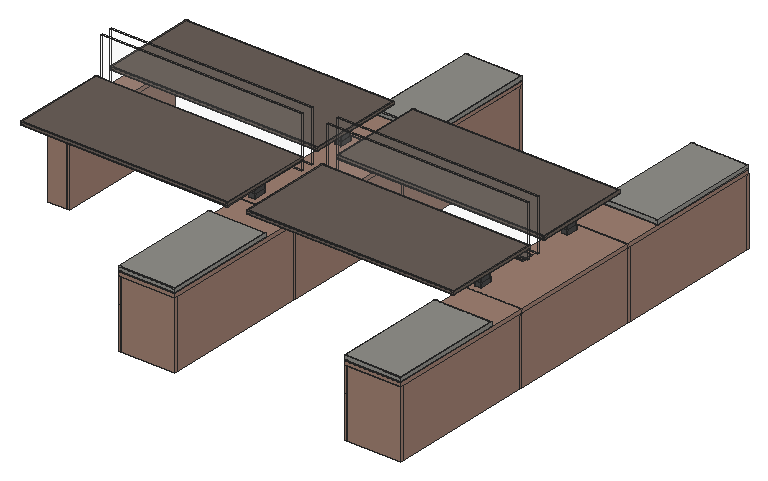
Revit family "T200196", category Furniture, Revit 2015
Parameters (values of type "T200196")
  URL = "https://ofs.com/"
  Staks Worksurface Edge Panel = OFS STAKS Frosted Glass
  Staks Height Worsuface Venner = OFS STAKS Surface Material
  Staks Height Worsuface Edge = OFS STAKS Edge Material
  Staks Height Worsuface 3d Laminate = OFS STAKS Laminate Material
  Staks Height Workgroup top = OFS STAKS Board Material
  Staks Height Workgroup Leg Caps = OFS STAKS Leg Caps Material
  Staks Height Workgroup Column = OFS STAKS Column Material
  Staks Height Workgroup Board = OFS STAKS Board Material
  Staks Cushion = OFS STAKS Cushion Material
  Staks Cross Rail Surface = OFS STAKS Wood Grain Laminate Material
  Staks Cross Rail Power Block Casing = OFS STAKS Power Block Casing Material
  Staks Cross Rail Power Block = OFS STAKS Power Block Material
  Staks Cross Rail Metal = OFS STAKS Power Jumper Conduit Material
  Staks Cross Rail Duplex Receptacle = OFS STAKS Power Jumper Connector Material
  Staks Cross Rail  Bracket = OFS STAKS Power Jumper Connector Material
  Model = "T200196"
  Manufacturer = "OFS"
  Description = "OFS TYPICAL T200196"
  Copyright © = "©OFS 2020"
  Catalog = "https://ofs.com/2020-experience"
  Authoring Version = "Autodesk Revit Architecture 2015"
  Assembly Code = "E2020400"
Reference planes (in)
  plane 1 "Center Front/Back": y = 0
  plane 2: z = 0
  plane 3 "Center Left/Right": x = 0
Dimensions and locks (in)
  aligned and locked: level to plane 2
Nested families (in)
  nested 1: "STAKS CUSHION FOR HEIGHT ADJUSTABLE STORAGE CABINETS" at (0.0017, -50.99832, 3.125) x (0, -1, 0) z (0, 0, 1), type "STAKS CUSHION FOR HEIGHT ADJUSTABLE STORAGE CABINETS 36in"
    with Height Above Floor 21.50"
  nested 2: "STAKS CUSHION FOR HEIGHT ADJUSTABLE STORAGE CABINETS" at (0.0017, 51.00168, 3.125) x (0, -1, 0) z (0, 0, 1), type "STAKS CUSHION FOR HEIGHT ADJUSTABLE STORAGE CABINETS 36in"
    with Height Above Floor 21.50"
  nested 3: "STAKS CUSHION FOR HEIGHT ADJUSTABLE STORAGE CABINETS" at (71.99976, 51.00168, 3.125) x (0, -1, 0) z (0, 0, 1), type "STAKS CUSHION FOR HEIGHT ADJUSTABLE STORAGE CABINETS 36in"
    with Height Above Floor 21.50"
  nested 4: "STAKS CUSHION FOR HEIGHT ADJUSTABLE STORAGE CABINETS" at (71.99976, -50.99832, 3.125) x (0, -1, 0) z (0, 0, 1), type "STAKS CUSHION FOR HEIGHT ADJUSTABLE STORAGE CABINETS 36in"
    with Height Above Floor 21.50"
  nested 5: "STAKS HEIGHT ADJUSTABLE WORK GROUP PANEL BASE Dual User" at (-70.00003, 0, 0) x (0, 1, 0) z (0, 0, 1), type "STAKS HEIGHT ADJUSTABLE WORK GROUP PANEL BASE Dual User"
    with Table Height 27.75"
  nested 6: "STAKS HEIGHT ADJUSTABLE WORK GROUP CABINET Double Sided Dual User" at (-8.9531, -0.04691, 0) x (0, 1, 0) z (0, 0, 1), type "STAKS HEIGHT ADJUSTABLE WORK GROUP CABINET Double Sided Dual User"
    with Table Height 27.75"
  nested 7: "STAKS HEIGHT ADJUSTABLE WORK GROUP CABINET Dual User" at (81, -0.0469, 0) x (0, -1, 0) z (0, 0, 1), type "STAKS HEIGHT ADJUSTABLE WORK GROUP CABINET Dual User"
    with Table Height 27.75"
  nested 8: "STAKS BOX-FILE-OPEN SHELVES FLOOR STORAGE Left 42-48" at (9.0017, 40.75168, 0) x (0, -1, 0) z (0, 0, 1), type "STAKS BOX-FILE-OPEN SHELVES FLOOR STORAGE Left, 48in"
    with Table Height 27.75"
  nested 9: "STAKS BOX-FILE-OPEN SHELVES FLOOR STORAGE Left 42-48" at (81.0017, 40.75168, 0) x (0, -1, 0) z (0, 0, 1), type "STAKS BOX-FILE-OPEN SHELVES FLOOR STORAGE Left, 48in"
    with Table Height 27.75"
  nested 10: "STAKS BOX-FILE-OPEN SHELVES FLOOR STORAGE Right 42-48" at (9.00087, -49.24798, 0) x (0, -1, 0) z (0, 0, 1), type "STAKS BOX-FILE-OPEN SHELVES FLOOR STORAGE Right, 48in"
    with Table Height 27.75"
  nested 11: "STAKS BOX-FILE-OPEN SHELVES FLOOR STORAGE Right 42-48" at (80.99893, -49.24798, 0) x (0, -1, 0) z (0, 0, 1), type "STAKS BOX-FILE-OPEN SHELVES FLOOR STORAGE Right, 48in"
    with Table Height 27.75"
  nested 12: "STAKS HEIGHT ADJUSTABLE WORKSURFACE" at (-35.9983, -17.99831, 8), type "STAKS HEIGHT ADJUSTABLE WORKSURFACE 66x30"
    with PVC Edge yes, Height 21.00", 3D Laminate no
  nested 13: "STAKS HEIGHT ADJUSTABLE WORKSURFACE" at (-35.9983, 17.90449, 8) x (1, 0, 0) z (0, 0, 1), type "STAKS HEIGHT ADJUSTABLE WORKSURFACE 66x30"
    with PVC Edge yes, Height 21.00", 3D Laminate no
  nested 14: "STAKS HEIGHT ADJUSTABLE WORKSURFACE" at (36.00169, -17.99831, 8) x (-1, 0, 0) z (0, 0, 1), type "STAKS HEIGHT ADJUSTABLE WORKSURFACE 66x30"
    with PVC Edge yes, Height 21.00", 3D Laminate no
  nested 15: "STAKS HEIGHT ADJUSTABLE WORKSURFACE" at (36.0017, 17.90449, 8) x (-1, 0, 0) z (0, 0, 1), type "STAKS HEIGHT ADJUSTABLE WORKSURFACE 66x30"
    with PVC Edge yes, Height 21.00", 3D Laminate no
  nested 16: "STAKS PET WIRE MANAGER to Underside of Cross Rail" at (-35.9983, -0.14067, 1.04408), type "STAKS PET WIRE MANAGER to Underside of Cross Rail 44in"
    with Height Above Floor 20.00"
  nested 17: "STAKS PET WIRE MANAGER to Underside of Cross Rail" at (36.00169, -0.23118, 1.04408), type "STAKS PET WIRE MANAGER to Underside of Cross Rail 44in"
    with Height Above Floor 20.00"
  nested 18: "STAKS CROSS RAIL BASIC POWER Double Sided Three Circuit" at (-36.125, 0, 0.1813), type "STAKS CROSS RAIL BASIC POWER Double Sided Three Circuit 66in"
  nested 19: "STAKS CROSS RAIL BASIC POWER Double Sided Three Circuit" at (36, 0, 1.435), type "STAKS CROSS RAIL BASIC POWER Double Sided Three Circuit 66in"
  nested 20: "STAKS WORKSURFACE EDGE MODESTY FROSTED ACRYLIC" at (-19.49999, -4.37535, 16.685), type "STAKS WORKSURFACE EDGE MODESTY FROSTED ACRYLIC 64/16.5"
    with Width 64.00", Height 16.50"
  nested 21: "STAKS WORKSURFACE EDGE MODESTY FROSTED ACRYLIC" at (19.49999, -4.37535, 16.685) x (-1, 0, 0) z (0, 0, 1), type "STAKS WORKSURFACE EDGE MODESTY FROSTED ACRYLIC 64/16.5"
    with Width 64.00", Height 16.50"
  nested 22: "STAKS WORKSURFACE EDGE MODESTY FROSTED ACRYLIC" at (-19.5, 4.28153, 16.685) x (1, 0, 0) z (0, 0, 1), type "STAKS WORKSURFACE EDGE MODESTY FROSTED ACRYLIC 64/16.5"
    with Width 64.00", Height 16.50"
  nested 23: "STAKS WORKSURFACE EDGE MODESTY FROSTED ACRYLIC" at (19.49999, 4.28155, 16.685) x (-1, 0, 0) z (0, 0, 1), type "STAKS WORKSURFACE EDGE MODESTY FROSTED ACRYLIC 64/16.5"
    with Width 64.00", Height 16.50"
Definition of nested family "STAKS CUSHION FOR HEIGHT ADJUSTABLE STORAGE CABINETS"
  Parameters (values of type "STAKS CUSHION FOR HEIGHT ADJUSTABLE STORAGE CABINETS 30in")
    Width = 30.00"
    Cushion Material = none
    URL = "http://www.ofs.com/"
    Height Above Floor [instance] = 21.50"
    Height = 1.50"
    Model = "6-3018SC"
    Manufacturer = "OFS"
    Description = "OFS STAKS CUSHION FOR HEIGHT ADJUSTABLE STORAGE CABINETS 30\" Width, Must be Field Installed"
    Depth = 18.00"
    Copyright © = "© 2018 OFS"
    Catalog = "https://ofs.com/products/open-plan/benching/staks"
    Authoring Version = "Autodesk Revit Architecture 2013"
    Assembly Code = "E2020200"
  Types (5): name | Width | Model | Description
    (no name) | 30.00" | "6-3018SC" | "OFS STAKS CUSHION FOR HEIGHT ADJUSTABLE STORAGE CABINETS 30\" Width, Must be Field Installed"
    STAKS CUSHION FOR HEIGHT ADJUSTABLE STORAGE CABINETS 30in | 30.00" | "6-3018SC" | "OFS STAKS CUSHION FOR HEIGHT ADJUSTABLE STORAGE CABINETS 30\" Width, Must be Field Installed"
    STAKS CUSHION FOR HEIGHT ADJUSTABLE STORAGE CABINETS 36in | 36.00" | "6-3618SC" | "OFS STAKS CUSHION FOR HEIGHT ADJUSTABLE STORAGE CABINETS 36\" Width, Must be Field Installed"
    STAKS CUSHION FOR HEIGHT ADJUSTABLE STORAGE CABINETS 42in | 42.00" | "6-4218SC" | "OFS STAKS CUSHION FOR HEIGHT ADJUSTABLE STORAGE CABINETS 42\" Width, Must be Field Installed"
    STAKS CUSHION FOR HEIGHT ADJUSTABLE STORAGE CABINETS 48in | 48.00" | "6-4818SC" | "OFS STAKS CUSHION FOR HEIGHT ADJUSTABLE STORAGE CABINETS 48\" Width, Must be Field Installed"
  Reference planes (in)
    plane 1 "Center (Front/Back)": y = 0
    plane 2: z = 0
    plane 3 "Center (Left/Right)": x = 0
    plane 4: x = 15
    plane 5: x = -15
    plane 6: y = 9
    plane 7: y = -9
    plane 8: z = 20
    plane 9: z = 21.5
  Forms (in)
    Extrusion 1, solid, material <- "Cushion Material"
      sketch origin (3.56329, 81.33771, 3.5) x (-1, 0, 0) y (0, -1, 0)
        loop
          line (18.43829, 72.46271) -> (18.43829, 90.21271) -> (-11.31171, 90.21271) -> (-11.31171, 72.46271) -> (18.43829, 72.46271)
      from 18 to 16.5
    Sweep 2, solid, material <- "Cushion Material"
      path in 3D
        loop
          line (14.875, 8.875, 21.5) -> (-14.875, 8.875, 21.5) -> (-14.875, -8.875, 21.5) -> (14.875, -8.875, 21.5) -> (14.875, 8.875, 21.5)
      profile origin (14.875, 0, 21.5) x (-1, 0, 0) y (0, 0, 1)
        loop
          arc (0, 0) -> (-0.08839, -0.03661) -> (-0.125, -0.125) r 0.125
          line (-0.125, -0.125) -> (-0.125, -1.375)
          arc (-0.125, -1.375) -> (-0.08839, -1.46339) -> (0, -1.5) r 0.125
          line (0, -1.5) -> (0, 0)
  Cuts and joins
    joined: Extrusion 1, Sweep 2
  Lines and regions (in)
    sketch lines
      curve 1: line (14.875, -8.875, 21.5) -> (14.875, 8.875, 21.5)
      curve 2: line (14.875, 8.875, 21.5) -> (-14.875, 8.875, 21.5)
      curve 3: line (-14.875, 8.875, 21.5) -> (-14.875, -8.875, 21.5)
      curve 4: line (-14.875, -8.875, 21.5) -> (14.875, -8.875, 21.5)
  Dimensions and locks (in)
    equal spacing: plane 5, plane 3 "Center (Left/Right)", plane 4
    "Width": plane 5 to plane 4
    "Depth": plane 6 to plane 7
    equal spacing: plane 7, plane 1 "Center (Front/Back)", plane 6
    "Height": plane 9 to plane 8
    "Height Above Floor": plane 9 to level
    aligned and locked: level to plane 2
    aligned and locked: plane 9 to Extrusion 1
    aligned and locked: Extrusion 1 to plane 8
  Automatic sketch dimensions
    Extrusion 1 sketch curve to plane 4 = 0.125"
    Extrusion 1 sketch curve to plane 6 = 0.125"
    Extrusion 1 sketch curve to plane 5 = 0.125"
    Extrusion 1 sketch curve to plane 7 = 0.125"
    Sweep 2 sketch curve to profile plane = 0.00"  (x2)
    Sweep 2 sketch curve to Sweep 2 sketch curve = 0.125"
    Sweep 2 sketch curve to Sweep 2 sketch curve = 1.375"
Definition of nested family "STAKS HEIGHT ADJUSTABLE WORK GROUP PANEL BASE Dual User"
  Parameters (values of type "STAKS HEIGHT ADJUSTABLE WORK GROUP PANEL BASE Dual User")
    Width = 42.00"
    URL = "http://ofs.com"
    Top Material = none
    Top Board Back Offset = 0.00"
    Table Height [instance] = 27.75"
    Depth = 7.00"
    Column Plate Thickness = 2.00"
    Column Material = none
    Box Width = 7.00"
    Board Thick Top = 1.125"
    Board Thick Door = 0.75"
    Board Material = none
    Model = "6-4207HAWC1"
    Manufacturer = "OFS"
    Leg Caps Material = none
    Leg Offset = 2.00"
    Board Thick Internal = 0.75"
    Height = 23.00"
    Description = "OFS STAKS HEIGHT ADJUSTABLE WORK GROUP PANEL BASE Dual User"
    Copyright © = "© OFS 2018"
    Catalog = "https://ofs.com/products/open-plan/benching/staks"
    Bottom Board Offset = 0.50"
    Board Thick Bot = 1.00"
    Board Thick Sides = 0.75"
    Board Thick Front = 0.75"
    Board Thick Back = 0.75"
    Authoring Version = "Autodesk Revit Architecture 2013"
    Assembly Code = "E2020200"
  Reference planes (in)
    plane 1 "Center Front/Back": y = 0
    plane 2: z = 0
    plane 3 "Center Left/Right": x = 0
    plane 4 "Left End": x = -21
    plane 5 "Front End": y = -6.25
    plane 6 "Right End": x = 21
    plane 7 "Back End": y = 0
    plane 8 "Height Top": z = 23
    plane 9: x = -20.25
    plane 10: x = 20.25
    plane 11: z = 21.875
    plane 12: z = 0.5
    plane 13: z = 1.5
    plane 14: y = -5.5
    plane 15: x = 19
    plane 16: x = -19
    plane 17: y = -7
    plane 18: y = -0.75
    plane 19: y = 0
    plane 20: x = -4.25
    plane 21: x = -3.5
    plane 22: x = 4.25
    plane 23: x = 3.5
    plane 24: z = 27.75
    plane 25: z = 25.75
    plane 26: z = 24.375
    plane 27: z = 26.75
  Forms (in)
    Extrusion 1, solid, material <- "Board Material"
      sketch origin (0, 0, 0) x (1, 0, 0) y (0, 1, 0)
        loop
          line (-21, 0) -> (-21, -6.25) -> (-20.25, -6.25) -> (-20.25, 0) -> (-21, 0)
      from 0.5 to 21.875
    Extrusion 2, solid, material <- "Board Material"
      sketch origin (0, 0, 0) x (-1, 0, 0) y (0, -1, 0)
        loop
          line (-21, 0) -> (-20.25, 0) -> (-20.25, 6.25) -> (-21, 6.25) -> (-21, 0)
      from 0.5 to 21.875
    Extrusion 3, solid, material <- "Board Material"
      sketch origin (0, 0, 0) x (1, 0, 0) y (0, 1, 0)
        loop
          line (-20.25, -0.75) -> (-20.25, -6.25) -> (20.25, -6.25) -> (20.25, -0.75) -> (-20.25, -0.75)
      from 0.5 to 1.5
    Extrusion 4, solid, material <- "Top Material"
      sketch origin (0, 0, 0) x (1, 0, 0) y (0, 1, 0)
        loop
          line (-21, 0) -> (-21, -7) -> (21, -7) -> (21, 0) -> (-21, 0)
      from 21.875 to 23
    Extrusion 5, solid, material <- "Board Material"
      sketch origin (0, 0, 0) x (1, 0, 0) y (0, 1, 0)
        loop
          line (-4.25, -0.75) -> (-4.25, -6.25) -> (-3.5, -6.25) -> (-3.5, -0.75) -> (-4.25, -0.75)
      from 1.5 to 21.875
    Extrusion 6, solid, material <- "Board Material"
      sketch origin (0, 27.875, 0) x (1, 0, 0) y (0, 1, 0)
        loop
          line (-20.25, -27.875) -> (-20.25, -28.625) -> (20.25, -28.625) -> (20.25, -27.875) -> (-20.25, -27.875)
      from 0.5 to 21.875
    Extrusion 7, solid, material <- "Board Material"
      sketch origin (0, 0, 0) x (1, 0, 0) y (0, 1, 0)
        loop
          line (21, -6.25) -> (-21, -6.25) -> (-21, -7) -> (21, -7) -> (21, -6.25)
      from 0.5 to 21.875
    Extrusion 8, solid, material <- "Board Material"
      sketch origin (0, 0, 0) x (-1, 0, 0) y (0, -1, 0)
        loop
          line (-4.25, 0.75) -> (-3.5, 0.75) -> (-3.5, 6.25) -> (-4.25, 6.25) -> (-4.25, 0.75)
      from 1.5 to 21.875
    Extrusion 9, void
      sketch origin (0, 0, 0) x (1, 0, 0) y (0, 0, 1)
        loop
          line (3.5, 21.875) -> (-3.5, 21.875)
          arc (-3.5, 21.875) -> (0, 20.04736) -> (3.5, 21.875) r 4.26514
      from 0 to 7
    Extrusion 10, solid, material <- "Column Material"
      sketch origin (7.27539, 70.81173, 0) x (-1, 0, 0) y (0, -1, 0)
        loop
          arc (26.15039, 74.31173) -> (26.23878, 74.34834) -> (26.27539, 74.43673) r 0.125
          line (26.27539, 74.43673) -> (26.27539, 76.18673)
          arc (26.27539, 76.18673) -> (26.23878, 76.27512) -> (26.15039, 76.31173) r 0.125
          line (26.15039, 76.31173) -> (22.65039, 76.31173)
          arc (22.65039, 76.31173) -> (22.562, 76.27512) -> (22.52539, 76.18673) r 0.125
          line (22.52539, 76.18673) -> (22.52539, 74.43673)
          arc (22.52539, 74.43673) -> (22.562, 74.34834) -> (22.65039, 74.31173) r 0.125
          line (22.65039, 74.31173) -> (26.15039, 74.31173)
      from 23 to 24.375
    Extrusion 11, solid, material <- "Column Material"
      sketch origin (7.27539, 70.81173, 0) x (-1, 0, 0) y (0, -1, 0)
        loop
          line (22.71289, 74.43673) -> (26.08789, 74.43673)
          arc (26.08789, 74.43673) -> (26.13208, 74.45504) -> (26.15039, 74.49923) r 0.0625
          line (26.15039, 74.49923) -> (26.15039, 76.12423)
          arc (26.15039, 76.12423) -> (26.13208, 76.16843) -> (26.08789, 76.18673) r 0.0625
          line (26.08789, 76.18673) -> (22.71289, 76.18673)
          arc (22.71289, 76.18673) -> (22.66869, 76.16843) -> (22.65039, 76.12423) r 0.0625
          line (22.65039, 76.12423) -> (22.65039, 74.49923)
          arc (22.65039, 74.49923) -> (22.66869, 74.45504) -> (22.71289, 74.43673) r 0.0625
      from 24.375 to 25.75
    Revolve 12, solid, material <- "Leg Caps Material"
      sketch origin (7.02629, -3.5, 0) x (1, 0, 0) y (0, 0, 1)
        loop
          line (-26.02629, 0.5) -> (-26.02629, 0.25) -> (-26.08831, 0.25)
          arc (-26.08831, 0.25) -> (-26.17668, 0.2134) -> (-26.21329, 0.12502) r 0.12498
          line (-26.21329, 0.12502) -> (-26.21329, 0) -> (-25.83829, 0) -> (-25.83829, 0.5) -> (-26.02629, 0.5)
        axis (-25.83829, 0) -> (-25.83829, 0.5)
      angle from 0 to 360
    Revolve 13, solid, material <- "Leg Caps Material"
      sketch origin (-7.02629, -3.5, 0) x (-1, 0, 0) y (0, 0, -1)
        loop
          line (-26.02629, -0.5) -> (-25.83829, -0.5) -> (-25.83829, 0) -> (-26.21329, 0) -> (-26.21329, -0.12502)
          arc (-26.21329, -0.12502) -> (-26.17668, -0.2134) -> (-26.08831, -0.25) r 0.12498
          line (-26.08831, -0.25) -> (-26.02629, -0.25) -> (-26.02629, -0.5)
        axis (-25.83829, 0) -> (-25.83829, -0.5)
      angle from 0 to 360
    Extrusion 14, solid, material <- "Column Material"
      sketch origin (-7.27539, 70.81173, 0) x (1, 0, 0) y (0, 1, 0)
        loop
          line (26.15039, -74.31173) -> (22.65039, -74.31173)
          arc (22.65039, -74.31173) -> (22.562, -74.34834) -> (22.52539, -74.43673) r 0.125
          line (22.52539, -74.43673) -> (22.52539, -76.18673)
          arc (22.52539, -76.18673) -> (22.562, -76.27512) -> (22.65039, -76.31173) r 0.125
          line (22.65039, -76.31173) -> (26.15039, -76.31173)
          arc (26.15039, -76.31173) -> (26.23878, -76.27512) -> (26.27539, -76.18673) r 0.125
          line (26.27539, -76.18673) -> (26.27539, -74.43673)
          arc (26.27539, -74.43673) -> (26.23878, -74.34834) -> (26.15039, -74.31173) r 0.125
      from 23 to 24.375
    Extrusion 15, solid, material <- "Column Material"
      sketch origin (-7.27539, 70.81173, 0) x (1, 0, 0) y (0, 1, 0)
        loop
          arc (22.71289, -74.43673) -> (22.66869, -74.45504) -> (22.65039, -74.49923) r 0.0625
          line (22.65039, -74.49923) -> (22.65039, -76.12423)
          arc (22.65039, -76.12423) -> (22.66869, -76.16843) -> (22.71289, -76.18673) r 0.0625
          line (22.71289, -76.18673) -> (26.08789, -76.18673)
          arc (26.08789, -76.18673) -> (26.13208, -76.16843) -> (26.15039, -76.12423) r 0.0625
          line (26.15039, -76.12423) -> (26.15039, -74.49923)
          arc (26.15039, -74.49923) -> (26.13208, -74.45504) -> (26.08789, -74.43673) r 0.0625
          line (26.08789, -74.43673) -> (22.71289, -74.43673)
      from 24.375 to 25.75
    Extrusion 16, solid, material <- "Column Material"
      sketch origin (0, 0, 0) x (1, 0, 0) y (0, 1, 0)
        loop
          line (-15.25, -3.375) -> (-19, -3.375)
          arc (-19, -3.375) -> (-19.08839, -3.41161) -> (-19.125, -3.5) r 0.125
          line (-19.125, -3.5) -> (-19.125, -10.25)
          arc (-19.125, -10.25) -> (-19.08839, -10.33839) -> (-19, -10.375) r 0.125
          line (-19, -10.375) -> (-15.25, -10.375)
          arc (-15.25, -10.375) -> (-15.16161, -10.33839) -> (-15.125, -10.25) r 0.125
          line (-15.125, -10.25) -> (-15.125, -3.5)
          arc (-15.125, -3.5) -> (-15.16161, -3.41161) -> (-15.25, -3.375) r 0.125
      from 26.75 to 27.75
    Blend 17, solid, material <- "Column Material"
      base sketch origin (0, 0, 0) x (1, 0, 0) y (0, 1, 0)
        loop
          line (-15.375, -9) -> (-15.375, -3.75)
          arc (-15.375, -3.75) -> (-15.41161, -3.66161) -> (-15.5, -3.625) r 0.125
          line (-15.5, -3.625) -> (-18.75, -3.625)
          arc (-18.75, -3.625) -> (-18.83839, -3.66161) -> (-18.875, -3.75) r 0.125
          line (-18.875, -3.75) -> (-18.875, -9)
          arc (-18.875, -9) -> (-18.83839, -9.08839) -> (-18.75, -9.125) r 0.125
          line (-18.75, -9.125) -> (-15.5, -9.125)
          arc (-15.5, -9.125) -> (-15.41161, -9.08839) -> (-15.375, -9) r 0.125
      top sketch origin (0, 0, 0) x (1, 0, 0) y (0, 1, 0)
        loop
          line (-15.125, -10.25) -> (-15.125, -3.5)
          arc (-15.125, -3.5) -> (-15.16161, -3.41161) -> (-15.25, -3.375) r 0.125
          line (-15.25, -3.375) -> (-19, -3.375)
          arc (-19, -3.375) -> (-19.08839, -3.41161) -> (-19.125, -3.5) r 0.125
          line (-19.125, -3.5) -> (-19.125, -10.25)
          arc (-19.125, -10.25) -> (-19.08839, -10.33839) -> (-19, -10.375) r 0.125
          line (-19, -10.375) -> (-15.25, -10.375)
          arc (-15.25, -10.375) -> (-15.16161, -10.33839) -> (-15.125, -10.25) r 0.125
      from 25.75 to 26.75
    Extrusion 18, solid, material <- "Column Material"
      sketch origin (0, 0, 0) x (-1, 0, 0) y (0, -1, 0)
        loop
          arc (-15.25, 3.375) -> (-15.16161, 3.41161) -> (-15.125, 3.5) r 0.125
          line (-15.125, 3.5) -> (-15.125, 10.25)
          arc (-15.125, 10.25) -> (-15.16161, 10.33839) -> (-15.25, 10.375) r 0.125
          line (-15.25, 10.375) -> (-19, 10.375)
          arc (-19, 10.375) -> (-19.08839, 10.33839) -> (-19.125, 10.25) r 0.125
          line (-19.125, 10.25) -> (-19.125, 3.5)
          arc (-19.125, 3.5) -> (-19.08839, 3.41161) -> (-19, 3.375) r 0.125
          line (-19, 3.375) -> (-15.25, 3.375)
      from 26.75 to 27.75
    Blend 19, solid, material <- "Column Material"
      base sketch origin (0, 0, 0) x (-1, 0, 0) y (0, -1, 0)
        loop
          arc (-15.375, 9) -> (-15.41161, 9.08839) -> (-15.5, 9.125) r 0.125
          line (-15.5, 9.125) -> (-18.75, 9.125)
          arc (-18.75, 9.125) -> (-18.83839, 9.08839) -> (-18.875, 9) r 0.125
          line (-18.875, 9) -> (-18.875, 3.75)
          arc (-18.875, 3.75) -> (-18.83839, 3.66161) -> (-18.75, 3.625) r 0.125
          line (-18.75, 3.625) -> (-15.5, 3.625)
          arc (-15.5, 3.625) -> (-15.41161, 3.66161) -> (-15.375, 3.75) r 0.125
          line (-15.375, 3.75) -> (-15.375, 9)
      top sketch origin (0, 0, 0) x (-1, 0, 0) y (0, -1, 0)
        loop
          arc (-15.125, 10.25) -> (-15.16161, 10.33839) -> (-15.25, 10.375) r 0.125
          line (-15.25, 10.375) -> (-19, 10.375)
          arc (-19, 10.375) -> (-19.08839, 10.33839) -> (-19.125, 10.25) r 0.125
          line (-19.125, 10.25) -> (-19.125, 3.5)
          arc (-19.125, 3.5) -> (-19.08839, 3.41161) -> (-19, 3.375) r 0.125
          line (-19, 3.375) -> (-15.25, 3.375)
          arc (-15.25, 3.375) -> (-15.16161, 3.41161) -> (-15.125, 3.5) r 0.125
          line (-15.125, 3.5) -> (-15.125, 10.25)
      from 25.75 to 26.75
  Cuts and joins
    Extrusion 9 cuts Extrusion 7
  Dimensions and locks (in)
    equal spacing: plane 4 "Left End", plane 3 "Center Left/Right", plane 6 "Right End"
    "Width": plane 4 "Left End" to plane 6 "Right End"
    "Height": plane 8 "Height Top" to level
    "Board Thick Sides": plane 4 "Left End" to plane 9
    "Board Thick Sides": plane 10 to plane 6 "Right End"
    "Board Thick Top": plane 8 "Height Top" to plane 11
    "Board Thick Bot": plane 13 to plane 12
    "Bottom Board Offset": plane 12 to level
    "Board Thick Front": plane 14 to plane 5 "Front End"
    "Leg Offset": plane 15 to plane 6 "Right End"
    "Leg Offset": plane 4 "Left End" to plane 16
    "Board Thick Door": plane 17 to plane 5 "Front End"
    "Board Thick Back": plane 18 to plane 1 "Center Front/Back"
    "Depth": plane 17 to plane 1 "Center Front/Back"
    "Top Board Back Offset": plane 19 to plane 7 "Back End"
    equal spacing: plane 21, plane 3 "Center Left/Right", plane 23
    "Box Width": plane 21 to plane 23
    "Board Thick Internal": plane 23 to plane 22
    "Board Thick Internal": plane 20 to plane 21
    "Table Height": plane 24 to level
    "Column Plate Thickness": plane 24 to plane 25
    equal spacing: plane 25, plane 26, plane 8 "Height Top"
    equal spacing: plane 24, plane 27, plane 25
    aligned and locked: level to plane 2
    aligned and locked: plane 4 "Left End" to Extrusion 1 sketch curve
    aligned and locked: Extrusion 1 sketch curve to plane 9
    aligned and locked: plane 10 to Extrusion 2
    aligned and locked: Extrusion 2 to plane 6 "Right End"
    aligned and locked: plane 12 to Extrusion 2
    aligned and locked: plane 10 to Extrusion 3 sketch curve
    aligned and locked: plane 9 to Extrusion 3 sketch curve
    aligned and locked: Extrusion 6 to plane 12
    aligned and locked: Extrusion 3 to plane 13
    aligned and locked: Extrusion 3 to plane 12
    aligned and locked: Extrusion 6 to plane 11
    aligned and locked: Extrusion 2 to plane 11
    aligned and locked: Extrusion 4 to plane 17
    aligned and locked: Extrusion 4 to plane 6 "Right End"
    aligned and locked: Extrusion 4 to plane 4 "Left End"
    aligned and locked: plane 8 "Height Top" to Extrusion 4
    aligned and locked: Extrusion 4 to plane 11
    aligned and locked: Extrusion 7 to plane 11
    aligned and locked: Extrusion 6 to plane 18
    aligned and locked: Extrusion 6 to plane 1 "Center Front/Back"
    aligned and locked: Extrusion 4 to plane 19
    aligned and locked: Extrusion 3 to plane 18
    aligned and locked: plane 11 to Extrusion 8
    aligned and locked: Extrusion 8 to plane 13
    aligned and locked: Extrusion 4 to Extrusion 9
    aligned and locked: Extrusion 6 to Extrusion 9
    aligned and locked: Extrusion 9 to Extrusion 2
    aligned and locked: plane 23 to Extrusion 8
    aligned and locked: Extrusion 8 to plane 22
    aligned and locked: Extrusion 5 to plane 20
    aligned and locked: cut or joined group of Extrusion 7, Extrusion 9 to plane 12
    aligned and locked: plane 25 to Extrusion 11
    aligned and locked: plane 26 to Extrusion 10
    aligned and locked: Extrusion 11 to plane 26
    aligned and locked: plane 11 to Extrusion 1
    aligned and locked: plane 11 to Extrusion 5
    aligned and locked: Extrusion 1 to plane 5 "Front End"
    aligned and locked: Extrusion 2 to plane 5 "Front End"
    aligned and locked: cut or joined group of Extrusion 7, Extrusion 9 to plane 4 "Left End"
    aligned and locked: cut or joined group of Extrusion 7, Extrusion 9 to plane 6 "Right End"
    aligned and locked: Extrusion 1 to plane 12
    aligned and locked: plane 16 to Revolve 12
    aligned and locked: plane 15 to Revolve 13
    aligned and locked: Extrusion 2 to plane 19
    aligned and locked: Extrusion 6 to plane 10
    aligned and locked: Extrusion 6 to plane 9
    aligned and locked: Extrusion 1 to plane 19
    aligned and locked: Extrusion 5 to plane 13
    aligned and locked: Extrusion 10 to plane 8 "Height Top"
    aligned and locked: Extrusion 14 to plane 8 "Height Top"
    aligned and locked: Extrusion 15 to plane 25
    aligned and locked: Extrusion 14 to plane 26
    aligned and locked: plane 26 to Extrusion 15
    aligned and locked: plane 24 to Extrusion 16
    aligned and locked: Extrusion 16 to plane 27
    aligned and locked: Blend 17 to plane 25
    aligned and locked: plane 27 to Blend 17
    aligned and locked: Extrusion 18 to plane 24
    aligned and locked: Blend 19 to plane 27
    aligned and locked: plane 27 to Extrusion 18
    aligned and locked: plane 25 to Blend 19
  Automatic sketch dimensions
    Extrusion 1 sketch curve to plane 5 "Front End" = 0.00"
    plane 1 "Center Front/Back" to Extrusion 1 sketch curve = 0.00"
    Extrusion 2 sketch curve to plane 5 "Front End" = 0.00"
    Extrusion 2 sketch curve to plane 6 "Right End" = 0.00"
    Extrusion 2 sketch curve to plane 10 = 0.00"
    plane 1 "Center Front/Back" to Extrusion 2 sketch curve = 0.00"
    Extrusion 3 sketch curve to plane 5 "Front End" = 0.00"
    Extrusion 3 sketch curve to plane 18 = 0.00"
    Extrusion 4 sketch curve to plane 4 "Left End" = 0.00"
    Extrusion 4 sketch curve to plane 6 "Right End" = 0.00"
    Extrusion 4 sketch curve to plane 17 = 0.00"
    plane 1 "Center Front/Back" to Extrusion 4 sketch curve = 0.00"
    Extrusion 5 sketch curve to plane 5 "Front End" = 0.00"
    Extrusion 5 sketch curve to plane 20 = 0.00"
    Extrusion 5 sketch curve to plane 21 = 0.00"
    Extrusion 5 sketch curve to plane 18 = 0.00"
    Extrusion 6 sketch curve to plane 9 = 0.00"
    Extrusion 6 sketch curve to plane 10 = 0.00"
    Extrusion 6 sketch curve to plane 18 = 0.00"
    plane 1 "Center Front/Back" to Extrusion 6 sketch curve = 0.00"
    Extrusion 7 sketch curve to plane 4 "Left End" = 0.00"
    Extrusion 7 sketch curve to plane 6 "Right End" = 0.00"
    plane 17 to Extrusion 7 sketch curve = 0.00"
    Extrusion 7 sketch curve to plane 5 "Front End" = 0.00"
    Extrusion 8 sketch curve to plane 5 "Front End" = 0.00"
    Extrusion 8 sketch curve to plane 22 = 0.00"
    Extrusion 8 sketch curve to plane 23 = 0.00"
    Extrusion 8 sketch curve to plane 18 = 0.00"
    Extrusion 9 sketch curve to plane 11 = 0.00"
    Extrusion 9 sketch curve to plane 21 = 0.00"
    plane 23 to Extrusion 9 sketch curve = 0.00"
    plane 8 "Height Top" to Extrusion 9 sketch curve = 1.3125"
    Extrusion 10 sketch curve to plane 14 = 0.00"
    Extrusion 10 sketch curve to plane 16 = 0.00"
    Extrusion 10 sketch curve to plane 14 = 2.00"
    Extrusion 10 sketch curve to plane 16 = 0.125"  (x2)
    Extrusion 10 sketch curve to Extrusion 10 sketch curve = 3.50"
    Extrusion 10 sketch curve to Extrusion 10 sketch curve = 0.00"
    Extrusion 10 sketch curve to Extrusion 10 sketch curve = 0.125"
    Extrusion 11 sketch curve to plane 14 = 0.1875"
    Extrusion 11 sketch curve to plane 16 = 3.625"
    Extrusion 11 sketch curve to plane 16 = 0.1875"  (x2)
    Extrusion 11 sketch curve to plane 14 = 1.875"
    Extrusion 11 sketch curve to Extrusion 11 sketch curve = 0.0625"  (x3)
    Revolve 12 sketch curve to level = 0.00"
    plane 16 to Revolve 12 sketch curve = 0.00"
    Revolve 12 sketch curve to plane 12 = 0.00"  (x2)
    level to Revolve 12 sketch curve = 0.12502"
    Revolve 12 sketch curve to Revolve 12 sketch curve = 0.06202"
    Revolve 12 sketch curve to Revolve 12 sketch curve = 0.12498"
    Revolve 12 sketch curve to plane 16 = 0.188"  (x2)
    plane 12 to Revolve 12 sketch curve = 0.25"
    Revolve 13 sketch curve to level = 0.00"
    plane 15 to Revolve 13 sketch curve = 0.00"
    Revolve 13 sketch curve to plane 12 = 0.00"  (x2)
    level to Revolve 13 sketch curve = 0.25"
    Revolve 13 sketch curve to Revolve 13 sketch curve = 0.06202"
    Revolve 13 sketch curve to Revolve 13 sketch curve = 0.12498"
    plane 15 to Revolve 13 sketch curve = 0.188"  (x2)
    plane 12 to Revolve 13 sketch curve = 0.25"
    plane 14 to Extrusion 14 sketch curve = 0.00"
    Extrusion 14 sketch curve to plane 15 = 0.00"
    Extrusion 14 sketch curve to plane 14 = 0.125"  (x2)
    plane 15 to Extrusion 14 sketch curve = 0.125"
    Extrusion 14 sketch curve to Extrusion 14 sketch curve = 3.50"
    Extrusion 14 sketch curve to Extrusion 14 sketch curve = 0.00"
    Extrusion 14 sketch curve to Extrusion 14 sketch curve = 1.75"
    Extrusion 15 sketch curve to plane 14 = 0.1875"
    plane 15 to Extrusion 15 sketch curve = 3.625"
    Extrusion 15 sketch curve to plane 14 = 0.125"
    Extrusion 15 sketch curve to Extrusion 15 sketch curve = 0.0625"  (x2)
    plane 15 to Extrusion 15 sketch curve = 0.1875"  (x2)
    Extrusion 15 sketch curve to Extrusion 15 sketch curve = 1.625"
    Extrusion 16 sketch curve to plane 16 = 0.00"  (x2)
    plane 17 to Extrusion 16 sketch curve = 3.375"
    Extrusion 16 sketch curve to Extrusion 16 sketch curve = 0.125"  (x2)
    Extrusion 16 sketch curve to plane 14 = 2.125"
    Extrusion 16 sketch curve to Extrusion 16 sketch curve = 3.75"
    Extrusion 16 sketch curve to plane 16 = 3.75"
    Blend 17 sketch curve to plane 16 = 0.125"
    plane 17 to Blend 17 sketch curve = 2.125"
    Blend 17 sketch curve to Blend 17 sketch curve = 0.125"  (x4)
    Blend 17 sketch curve to Blend 17 sketch curve = 3.25"
    Blend 17 sketch curve to Blend 17 sketch curve = 0.00"
    Blend 17 sketch curve to plane 14 = 1.75"
    Blend 17 sketch curve to plane 16 = 0.00"  (x2)
    plane 17 to Blend 17 sketch curve = 3.375"
    plane 16 to Blend 17 sketch curve = 0.125"
    Blend 17 sketch curve to Blend 17 sketch curve = 3.75"
    Blend 17 sketch curve to plane 16 = 3.75"
    Blend 17 sketch curve to plane 14 = 2.00"
    Extrusion 18 sketch curve to plane 15 = 0.00"  (x2)
    Extrusion 18 sketch curve to plane 17 = 3.375"
    Extrusion 18 sketch curve to Extrusion 18 sketch curve = 0.125"  (x2)
    plane 14 to Extrusion 18 sketch curve = 2.125"
    Extrusion 18 sketch curve to plane 15 = 3.75"  (x2)
    Blend 19 sketch curve to plane 15 = 0.125"
    Blend 19 sketch curve to plane 17 = 2.125"
    Blend 19 sketch curve to Blend 19 sketch curve = 0.125"  (x5)
    Blend 19 sketch curve to Blend 19 sketch curve = 3.25"
    Blend 19 sketch curve to Blend 19 sketch curve = 0.00"
    plane 14 to Blend 19 sketch curve = 1.75"
    Blend 19 sketch curve to plane 15 = 0.00"  (x2)
    Blend 19 sketch curve to plane 17 = 3.375"
    Blend 19 sketch curve to plane 15 = 3.75"  (x2)
    plane 14 to Blend 19 sketch curve = 2.00"
Definition of nested family "STAKS HEIGHT ADJUSTABLE WORK GROUP CABINET Double Sided Dual User"
  Parameters (values of type "STAKS HEIGHT ADJUSTABLE WORK GROUP CABINET Double Sided Dual User")
    Width = 42.00"
    URL = "http://ofs.com"
    Top Material = none
    Top Board Back Offset = 0.00"
    Table Height [instance] = 27.75"
    Depth = 18.00"
    Column Plate Thickness = 2.00"
    Column Material = none
    Box Width = 7.00"
    Board Thick Top = 1.125"
    Board Thick Door = 0.75"
    Board Material = none
    Model = "6-4218HAWC2"
    Manufacturer = "OFS"
    Leg Caps Material = none
    Leg Offset = 2.00"
    Board Thick Internal = 0.75"
    Height = 23.00"
    Description = "OFS STAKS HEIGHT ADJUSTABLE CABINET Double Sided Dual User (Four Lifting Columns)"
    Copyright © = "© OFS \"018"
    Catalog = "https://ofs.com/products/open-plan/benching/staks"
    Bottom Board Offset = 0.50"
    Board Thick Bot = 1.00"
    Board Thick Sides = 0.75"
    Board Thick Front = 0.75"
    Board Thick Back = 0.75"
    Authoring Version = "Autodesk Revit Architecture 2013"
    Assembly Code = "E2020200"
  Reference planes (in)
    plane 1 "Center Front/Back": y = 0
    plane 2: z = 0
    plane 3 "Center Left/Right": x = 0
    plane 4 "Left End": x = -21
    plane 5 "Front End": y = -17.25
    plane 6 "Right End": x = 21
    plane 7 "Back End": y = 0
    plane 8 "Height Top": z = 23
    plane 9: x = -20.25
    plane 10: x = 20.25
    plane 11: z = 21.875
    plane 12: z = 0.5
    plane 13: z = 1.5
    plane 14: y = -16.5
    plane 15: x = 19
    plane 16: x = -19
    plane 17: y = -18
    plane 18: y = -0.75
    plane 19: y = 0
    plane 20: x = -4.25
    plane 21: x = -3.5
    plane 22: x = 4.25
    plane 23: x = 3.5
    plane 24: z = 27.75
    plane 25: z = 25.75
    plane 26: z = 24.375
    plane 27: z = 26.75
  Forms (in)
    Extrusion 1, solid, material <- "Board Material"
      sketch origin (0, 0, 0) x (1, 0, 0) y (0, 1, 0)
        loop
          line (-21, -0.75) -> (-21, -17.25) -> (-20.25, -17.25) -> (-20.25, -0.75) -> (-21, -0.75)
      from 0.5 to 21.875
    Extrusion 2, solid, material <- "Board Material"
      sketch origin (0, 0, 0) x (-1, 0, 0) y (0, -1, 0)
        loop
          line (-21, 0.75) -> (-20.25, 0.75) -> (-20.25, 17.25) -> (-21, 17.25) -> (-21, 0.75)
      from 0.5 to 21.875
    Extrusion 3, solid, material <- "Board Material"
      sketch origin (0, 0, 0) x (1, 0, 0) y (0, 1, 0)
        loop
          line (-20.25, -0.75) -> (-20.25, -17.25) -> (20.25, -17.25) -> (20.25, -0.75) -> (-20.25, -0.75)
      from 0.5 to 1.5
    Extrusion 4, solid, material <- "Top Material"
      sketch origin (0, 0, 0) x (1, 0, 0) y (0, 1, 0)
        loop
          line (-21, 0) -> (-21, -18) -> (21, -18) -> (21, 0) -> (-21, 0)
      from 21.875 to 23
    Extrusion 5, solid, material <- "Board Material"
      sketch origin (0, 0, 0) x (1, 0, 0) y (0, 1, 0)
        loop
          line (-4.25, -0.75) -> (-4.25, -17.25) -> (-3.5, -17.25) -> (-3.5, -0.75) -> (-4.25, -0.75)
      from 1.5 to 21.875
    Extrusion 6, solid, material <- "Board Material"
      sketch origin (0, 27.875, 0) x (1, 0, 0) y (0, 1, 0)
        loop
          line (-21, -27.875) -> (-21, -28.625) -> (21, -28.625) -> (21, -27.875) -> (-21, -27.875)
      from 0.5 to 21.875
    Extrusion 7, solid, material <- "Board Material"
      sketch origin (0, 0, 0) x (1, 0, 0) y (0, 1, 0)
        loop
          line (21, -17.25) -> (-21, -17.25) -> (-21, -18) -> (21, -18) -> (21, -17.25)
      from 0.5 to 21.875
    Extrusion 8, solid, material <- "Board Material"
      sketch origin (0, 0, 0) x (-1, 0, 0) y (0, -1, 0)
        loop
          line (-4.25, 0.75) -> (-3.5, 0.75) -> (-3.5, 17.25) -> (-4.25, 17.25) -> (-4.25, 0.75)
      from 1.5 to 21.875
    Extrusion 9, void
      sketch origin (0, 0, 0) x (1, 0, 0) y (0, 0, 1)
        loop
          line (3.5, 21.875) -> (-3.5, 21.875)
          arc (-3.5, 21.875) -> (0, 20.04736) -> (3.5, 21.875) r 4.26514
      from 0 to 18
    Extrusion 10, solid, material <- "Column Material"
      sketch origin (7.27539, 70.81173, 0) x (-1, 0, 0) y (0, -1, 0)
        loop
          arc (26.15039, 85.31173) -> (26.23878, 85.34834) -> (26.27539, 85.43673) r 0.125
          line (26.27539, 85.43673) -> (26.27539, 87.18673)
          arc (26.27539, 87.18673) -> (26.23878, 87.27512) -> (26.15039, 87.31173) r 0.125
          line (26.15039, 87.31173) -> (22.65039, 87.31173)
          arc (22.65039, 87.31173) -> (22.562, 87.27512) -> (22.52539, 87.18673) r 0.125
          line (22.52539, 87.18673) -> (22.52539, 85.43673)
          arc (22.52539, 85.43673) -> (22.562, 85.34834) -> (22.65039, 85.31173) r 0.125
          line (22.65039, 85.31173) -> (26.15039, 85.31173)
      from 23 to 24.375
    Extrusion 11, solid, material <- "Column Material"
      sketch origin (7.27539, 70.81173, 0) x (-1, 0, 0) y (0, -1, 0)
        loop
          line (22.71289, 85.43673) -> (26.08789, 85.43673)
          arc (26.08789, 85.43673) -> (26.13208, 85.45504) -> (26.15039, 85.49923) r 0.0625
          line (26.15039, 85.49923) -> (26.15039, 87.12423)
          arc (26.15039, 87.12423) -> (26.13208, 87.16843) -> (26.08789, 87.18673) r 0.0625
          line (26.08789, 87.18673) -> (22.71289, 87.18673)
          arc (22.71289, 87.18673) -> (22.66869, 87.16843) -> (22.65039, 87.12423) r 0.0625
          line (22.65039, 87.12423) -> (22.65039, 85.49923)
          arc (22.65039, 85.49923) -> (22.66869, 85.45504) -> (22.71289, 85.43673) r 0.0625
      from 24.375 to 25.75
    Revolve 12, solid, material <- "Leg Caps Material"
      sketch origin (7.02629, -3.5, 0) x (1, 0, 0) y (0, 0, 1)
        loop
          line (-26.02629, 0.5) -> (-26.02629, 0.25) -> (-26.08831, 0.25)
          arc (-26.08831, 0.25) -> (-26.17668, 0.2134) -> (-26.21329, 0.12502) r 0.12498
          line (-26.21329, 0.12502) -> (-26.21329, 0) -> (-25.83829, 0) -> (-25.83829, 0.5) -> (-26.02629, 0.5)
        axis (-25.83829, 0) -> (-25.83829, 0.5)
      angle from 0 to 360
    Revolve 13, solid, material <- "Leg Caps Material"
      sketch origin (-7.02629, -3.5, 0) x (-1, 0, 0) y (0, 0, -1)
        loop
          line (-26.02629, -0.5) -> (-25.83829, -0.5) -> (-25.83829, 0) -> (-26.21329, 0) -> (-26.21329, -0.12502)
          arc (-26.21329, -0.12502) -> (-26.17668, -0.2134) -> (-26.08831, -0.25) r 0.12498
          line (-26.08831, -0.25) -> (-26.02629, -0.25) -> (-26.02629, -0.5)
        axis (-25.83829, 0) -> (-25.83829, -0.5)
      angle from 0 to 360
    Extrusion 14, solid, material <- "Column Material"
      sketch origin (-7.27539, 70.81173, 0) x (1, 0, 0) y (0, 1, 0)
        loop
          line (26.15039, -85.31173) -> (22.65039, -85.31173)
          arc (22.65039, -85.31173) -> (22.562, -85.34834) -> (22.52539, -85.43673) r 0.125
          line (22.52539, -85.43673) -> (22.52539, -87.18673)
          arc (22.52539, -87.18673) -> (22.562, -87.27512) -> (22.65039, -87.31173) r 0.125
          line (22.65039, -87.31173) -> (26.15039, -87.31173)
          arc (26.15039, -87.31173) -> (26.23878, -87.27512) -> (26.27539, -87.18673) r 0.125
          line (26.27539, -87.18673) -> (26.27539, -85.43673)
          arc (26.27539, -85.43673) -> (26.23878, -85.34834) -> (26.15039, -85.31173) r 0.125
      from 23 to 24.375
    Extrusion 15, solid, material <- "Column Material"
      sketch origin (-7.27539, 70.81173, 0) x (1, 0, 0) y (0, 1, 0)
        loop
          arc (22.71289, -85.43673) -> (22.66869, -85.45504) -> (22.65039, -85.49923) r 0.0625
          line (22.65039, -85.49923) -> (22.65039, -87.12423)
          arc (22.65039, -87.12423) -> (22.66869, -87.16843) -> (22.71289, -87.18673) r 0.0625
          line (22.71289, -87.18673) -> (26.08789, -87.18673)
          arc (26.08789, -87.18673) -> (26.13208, -87.16843) -> (26.15039, -87.12423) r 0.0625
          line (26.15039, -87.12423) -> (26.15039, -85.49923)
          arc (26.15039, -85.49923) -> (26.13208, -85.45504) -> (26.08789, -85.43673) r 0.0625
          line (26.08789, -85.43673) -> (22.71289, -85.43673)
      from 24.375 to 25.75
    Extrusion 16, solid, material <- "Column Material"
      sketch origin (0, 0, 0) x (1, 0, 0) y (0, 1, 0)
        loop
          line (-15.25, -14.375) -> (-19, -14.375)
          arc (-19, -14.375) -> (-19.08839, -14.41161) -> (-19.125, -14.5) r 0.125
          line (-19.125, -14.5) -> (-19.125, -21.25)
          arc (-19.125, -21.25) -> (-19.08839, -21.33839) -> (-19, -21.375) r 0.125
          line (-19, -21.375) -> (-15.25, -21.375)
          arc (-15.25, -21.375) -> (-15.16161, -21.33839) -> (-15.125, -21.25) r 0.125
          line (-15.125, -21.25) -> (-15.125, -14.5)
          arc (-15.125, -14.5) -> (-15.16161, -14.41161) -> (-15.25, -14.375) r 0.125
      from 26.75 to 27.75
    Blend 17, solid, material <- "Column Material"
      base sketch origin (0, 0, 0) x (1, 0, 0) y (0, 1, 0)
        loop
          line (-15.375, -20) -> (-15.375, -14.75)
          arc (-15.375, -14.75) -> (-15.41161, -14.66161) -> (-15.5, -14.625) r 0.125
          line (-15.5, -14.625) -> (-18.75, -14.625)
          arc (-18.75, -14.625) -> (-18.83839, -14.66161) -> (-18.875, -14.75) r 0.125
          line (-18.875, -14.75) -> (-18.875, -20)
          arc (-18.875, -20) -> (-18.83839, -20.08839) -> (-18.75, -20.125) r 0.125
          line (-18.75, -20.125) -> (-15.5, -20.125)
          arc (-15.5, -20.125) -> (-15.41161, -20.08839) -> (-15.375, -20) r 0.125
      top sketch origin (0, 0, 0) x (1, 0, 0) y (0, 1, 0)
        loop
          line (-15.125, -21.25) -> (-15.125, -14.5)
          arc (-15.125, -14.5) -> (-15.16161, -14.41161) -> (-15.25, -14.375) r 0.125
          line (-15.25, -14.375) -> (-19, -14.375)
          arc (-19, -14.375) -> (-19.08839, -14.41161) -> (-19.125, -14.5) r 0.125
          line (-19.125, -14.5) -> (-19.125, -21.25)
          arc (-19.125, -21.25) -> (-19.08839, -21.33839) -> (-19, -21.375) r 0.125
          line (-19, -21.375) -> (-15.25, -21.375)
          arc (-15.25, -21.375) -> (-15.16161, -21.33839) -> (-15.125, -21.25) r 0.125
      from 25.75 to 26.75
    Extrusion 18, solid, material <- "Column Material"
      sketch origin (0, 0, 0) x (-1, 0, 0) y (0, -1, 0)
        loop
          arc (-15.25, 14.375) -> (-15.16161, 14.41161) -> (-15.125, 14.5) r 0.125
          line (-15.125, 14.5) -> (-15.125, 21.25)
          arc (-15.125, 21.25) -> (-15.16161, 21.33839) -> (-15.25, 21.375) r 0.125
          line (-15.25, 21.375) -> (-19, 21.375)
          arc (-19, 21.375) -> (-19.08839, 21.33839) -> (-19.125, 21.25) r 0.125
          line (-19.125, 21.25) -> (-19.125, 14.5)
          arc (-19.125, 14.5) -> (-19.08839, 14.41161) -> (-19, 14.375) r 0.125
          line (-19, 14.375) -> (-15.25, 14.375)
      from 26.75 to 27.75
    Blend 19, solid, material <- "Column Material"
      base sketch origin (0, 0, 0) x (-1, 0, 0) y (0, -1, 0)
        loop
          arc (-15.375, 20) -> (-15.41161, 20.08839) -> (-15.5, 20.125) r 0.125
          line (-15.5, 20.125) -> (-18.75, 20.125)
          arc (-18.75, 20.125) -> (-18.83839, 20.08839) -> (-18.875, 20) r 0.125
          line (-18.875, 20) -> (-18.875, 14.75)
          arc (-18.875, 14.75) -> (-18.83839, 14.66161) -> (-18.75, 14.625) r 0.125
          line (-18.75, 14.625) -> (-15.5, 14.625)
          arc (-15.5, 14.625) -> (-15.41161, 14.66161) -> (-15.375, 14.75) r 0.125
          line (-15.375, 14.75) -> (-15.375, 20)
      top sketch origin (0, 0, 0) x (-1, 0, 0) y (0, -1, 0)
        loop
          arc (-15.125, 21.25) -> (-15.16161, 21.33839) -> (-15.25, 21.375) r 0.125
          line (-15.25, 21.375) -> (-19, 21.375)
          arc (-19, 21.375) -> (-19.08839, 21.33839) -> (-19.125, 21.25) r 0.125
          line (-19.125, 21.25) -> (-19.125, 14.5)
          arc (-19.125, 14.5) -> (-19.08839, 14.41161) -> (-19, 14.375) r 0.125
          line (-19, 14.375) -> (-15.25, 14.375)
          arc (-15.25, 14.375) -> (-15.16161, 14.41161) -> (-15.125, 14.5) r 0.125
          line (-15.125, 14.5) -> (-15.125, 21.25)
      from 25.75 to 26.75
    Extrusion 20, solid, material <- "Column Material"
      sketch origin (7.27539, -88.81173, 0) x (-1, 0, 0) y (0, -1, 0)
        loop
          line (26.15039, -85.31173) -> (22.40039, -85.31173)
          arc (22.40039, -85.31173) -> (22.312, -85.34834) -> (22.27539, -85.43673) r 0.125
          line (22.27539, -85.43673) -> (22.27539, -87.18673)
          arc (22.27539, -87.18673) -> (22.312, -87.27512) -> (22.40039, -87.31173) r 0.125
          line (22.40039, -87.31173) -> (26.15039, -87.31173)
          arc (26.15039, -87.31173) -> (26.23878, -87.27512) -> (26.27539, -87.18673) r 0.125
          line (26.27539, -87.18673) -> (26.27539, -85.43673)
          arc (26.27539, -85.43673) -> (26.23878, -85.34834) -> (26.15039, -85.31173) r 0.125
      from 23 to 24.375
    Extrusion 21, solid, material <- "Column Material"
      sketch origin (7.27539, -88.81173, 0) x (-1, 0, 0) y (0, -1, 0)
        loop
          arc (22.46289, -85.43673) -> (22.41869, -85.45504) -> (22.40039, -85.49923) r 0.0625
          line (22.40039, -85.49923) -> (22.40039, -87.12423)
          arc (22.40039, -87.12423) -> (22.41869, -87.16843) -> (22.46289, -87.18673) r 0.0625
          line (22.46289, -87.18673) -> (26.08789, -87.18673)
          arc (26.08789, -87.18673) -> (26.13208, -87.16843) -> (26.15039, -87.12423) r 0.0625
          line (26.15039, -87.12423) -> (26.15039, -85.49923)
          arc (26.15039, -85.49923) -> (26.13208, -85.45504) -> (26.08789, -85.43673) r 0.0625
          line (26.08789, -85.43673) -> (22.46289, -85.43673)
      from 24.375 to 25.75
    Revolve 22, solid, material <- "Leg Caps Material"
      sketch origin (7.02629, -14.5, 0) x (1, 0, 0) y (0, 0, -1)
        loop
          line (-26.02629, -0.5) -> (-25.83829, -0.5) -> (-25.83829, 0) -> (-26.21329, 0) -> (-26.21329, -0.12502)
          arc (-26.21329, -0.12502) -> (-26.17668, -0.2134) -> (-26.08831, -0.25) r 0.12498
          line (-26.08831, -0.25) -> (-26.02629, -0.25) -> (-26.02629, -0.5)
        axis (-25.83829, 0) -> (-25.83829, -0.5)
      angle from 0 to 360
    Revolve 23, solid, material <- "Leg Caps Material"
      sketch origin (-7.02629, -14.5, 0) x (-1, 0, 0) y (0, 0, 1)
        loop
          line (-26.02629, 0.5) -> (-26.02629, 0.25) -> (-26.08831, 0.25)
          arc (-26.08831, 0.25) -> (-26.17668, 0.2134) -> (-26.21329, 0.12502) r 0.12498
          line (-26.21329, 0.12502) -> (-26.21329, 0) -> (-25.83829, 0) -> (-25.83829, 0.5) -> (-26.02629, 0.5)
        axis (-25.83829, 0) -> (-25.83829, 0.5)
      angle from 0 to 360
    Extrusion 24, solid, material <- "Column Material"
      sketch origin (-7.27539, -88.81173, 0) x (1, 0, 0) y (0, 1, 0)
        loop
          arc (26.15039, 85.31173) -> (26.23878, 85.34834) -> (26.27539, 85.43673) r 0.125
          line (26.27539, 85.43673) -> (26.27539, 87.18673)
          arc (26.27539, 87.18673) -> (26.23878, 87.27512) -> (26.15039, 87.31173) r 0.125
          line (26.15039, 87.31173) -> (22.65039, 87.31173)
          arc (22.65039, 87.31173) -> (22.562, 87.27512) -> (22.52539, 87.18673) r 0.125
          line (22.52539, 87.18673) -> (22.52539, 85.43673)
          arc (22.52539, 85.43673) -> (22.562, 85.34834) -> (22.65039, 85.31173) r 0.125
          line (22.65039, 85.31173) -> (26.15039, 85.31173)
      from 23 to 24.375
    Extrusion 25, solid, material <- "Column Material"
      sketch origin (-7.27539, -88.81173, 0) x (1, 0, 0) y (0, 1, 0)
        loop
          line (22.71289, 85.43673) -> (26.08789, 85.43673)
          arc (26.08789, 85.43673) -> (26.13208, 85.45504) -> (26.15039, 85.49923) r 0.0625
          line (26.15039, 85.49923) -> (26.15039, 87.12423)
          arc (26.15039, 87.12423) -> (26.13208, 87.16843) -> (26.08789, 87.18673) r 0.0625
          line (26.08789, 87.18673) -> (22.71289, 87.18673)
          arc (22.71289, 87.18673) -> (22.66869, 87.16843) -> (22.65039, 87.12423) r 0.0625
          line (22.65039, 87.12423) -> (22.65039, 85.49923)
          arc (22.65039, 85.49923) -> (22.66869, 85.45504) -> (22.71289, 85.43673) r 0.0625
      from 24.375 to 25.75
    Extrusion 26, solid, material <- "Column Material"
      sketch origin (0, -18, 0) x (1, 0, 0) y (0, 1, 0)
        loop
          arc (-15, 14.375) -> (-14.91161, 14.41161) -> (-14.875, 14.5) r 0.125
          line (-14.875, 14.5) -> (-14.875, 21.25)
          arc (-14.875, 21.25) -> (-14.91161, 21.33839) -> (-15, 21.375) r 0.125
          line (-15, 21.375) -> (-19, 21.375)
          arc (-19, 21.375) -> (-19.08839, 21.33839) -> (-19.125, 21.25) r 0.125
          line (-19.125, 21.25) -> (-19.125, 14.5)
          arc (-19.125, 14.5) -> (-19.08839, 14.41161) -> (-19, 14.375) r 0.125
          line (-19, 14.375) -> (-15, 14.375)
      from 26.75 to 27.75
    Blend 27, solid, material <- "Column Material"
      base sketch origin (0, -18, 0) x (1, 0, 0) y (0, 1, 0)
        loop
          arc (-15.125, 20) -> (-15.16161, 20.08839) -> (-15.25, 20.125) r 0.125
          line (-15.25, 20.125) -> (-18.75, 20.125)
          arc (-18.75, 20.125) -> (-18.83839, 20.08839) -> (-18.875, 20) r 0.125
          line (-18.875, 20) -> (-18.875, 14.75)
          arc (-18.875, 14.75) -> (-18.83839, 14.66161) -> (-18.75, 14.625) r 0.125
          line (-18.75, 14.625) -> (-15.25, 14.625)
          arc (-15.25, 14.625) -> (-15.16161, 14.66161) -> (-15.125, 14.75) r 0.125
          line (-15.125, 14.75) -> (-15.125, 20)
      top sketch origin (0, -18, 0) x (1, 0, 0) y (0, 1, 0)
        loop
          arc (-14.875, 21.25) -> (-14.91161, 21.33839) -> (-15, 21.375) r 0.125
          line (-15, 21.375) -> (-19, 21.375)
          arc (-19, 21.375) -> (-19.08839, 21.33839) -> (-19.125, 21.25) r 0.125
          line (-19.125, 21.25) -> (-19.125, 14.5)
          arc (-19.125, 14.5) -> (-19.08839, 14.41161) -> (-19, 14.375) r 0.125
          line (-19, 14.375) -> (-15, 14.375)
          arc (-15, 14.375) -> (-14.91161, 14.41161) -> (-14.875, 14.5) r 0.125
          line (-14.875, 14.5) -> (-14.875, 21.25)
      from 25.75 to 26.75
    Extrusion 28, solid, material <- "Column Material"
      sketch origin (0, -18, 0) x (-1, 0, 0) y (0, -1, 0)
        loop
          line (-15.25, -14.375) -> (-19, -14.375)
          arc (-19, -14.375) -> (-19.08839, -14.41161) -> (-19.125, -14.5) r 0.125
          line (-19.125, -14.5) -> (-19.125, -21.25)
          arc (-19.125, -21.25) -> (-19.08839, -21.33839) -> (-19, -21.375) r 0.125
          line (-19, -21.375) -> (-15.25, -21.375)
          arc (-15.25, -21.375) -> (-15.16161, -21.33839) -> (-15.125, -21.25) r 0.125
          line (-15.125, -21.25) -> (-15.125, -14.5)
          arc (-15.125, -14.5) -> (-15.16161, -14.41161) -> (-15.25, -14.375) r 0.125
      from 26.75 to 27.75
    Blend 29, solid, material <- "Column Material"
      base sketch origin (0, -18, 0) x (-1, 0, 0) y (0, -1, 0)
        loop
          line (-15.375, -20) -> (-15.375, -14.75)
          arc (-15.375, -14.75) -> (-15.41161, -14.66161) -> (-15.5, -14.625) r 0.125
          line (-15.5, -14.625) -> (-18.75, -14.625)
          arc (-18.75, -14.625) -> (-18.83839, -14.66161) -> (-18.875, -14.75) r 0.125
          line (-18.875, -14.75) -> (-18.875, -20)
          arc (-18.875, -20) -> (-18.83839, -20.08839) -> (-18.75, -20.125) r 0.125
          line (-18.75, -20.125) -> (-15.5, -20.125)
          arc (-15.5, -20.125) -> (-15.41161, -20.08839) -> (-15.375, -20) r 0.125
      top sketch origin (0, -18, 0) x (-1, 0, 0) y (0, -1, 0)
        loop
          line (-15.125, -21.25) -> (-15.125, -14.5)
          arc (-15.125, -14.5) -> (-15.16161, -14.41161) -> (-15.25, -14.375) r 0.125
          line (-15.25, -14.375) -> (-19, -14.375)
          arc (-19, -14.375) -> (-19.08839, -14.41161) -> (-19.125, -14.5) r 0.125
          line (-19.125, -14.5) -> (-19.125, -21.25)
          arc (-19.125, -21.25) -> (-19.08839, -21.33839) -> (-19, -21.375) r 0.125
          line (-19, -21.375) -> (-15.25, -21.375)
          arc (-15.25, -21.375) -> (-15.16161, -21.33839) -> (-15.125, -21.25) r 0.125
      from 25.75 to 26.75
  Cuts and joins
    Extrusion 9 cuts Extrusion 7
    Extrusion 9 cuts Extrusion 6
  Dimensions and locks (in)
    equal spacing: plane 4 "Left End", plane 3 "Center Left/Right", plane 6 "Right End"
    "Width": plane 4 "Left End" to plane 6 "Right End"
    "Height": plane 8 "Height Top" to level
    "Board Thick Sides": plane 4 "Left End" to plane 9
    "Board Thick Sides": plane 10 to plane 6 "Right End"
    "Board Thick Top": plane 8 "Height Top" to plane 11
    "Board Thick Bot": plane 13 to plane 12
    "Bottom Board Offset": plane 12 to level
    "Board Thick Front": plane 14 to plane 5 "Front End"
    "Leg Offset": plane 15 to plane 6 "Right End"
    "Leg Offset": plane 4 "Left End" to plane 16
    "Board Thick Door": plane 17 to plane 5 "Front End"
    "Board Thick Back": plane 18 to plane 1 "Center Front/Back"
    "Depth": plane 17 to plane 1 "Center Front/Back"
    "Top Board Back Offset": plane 19 to plane 7 "Back End"
    equal spacing: plane 21, plane 3 "Center Left/Right", plane 23
    "Box Width": plane 21 to plane 23
    "Board Thick Internal": plane 23 to plane 22
    "Board Thick Internal": plane 20 to plane 21
    "Table Height": plane 24 to level
    "Column Plate Thickness": plane 24 to plane 25
    equal spacing: plane 25, plane 26, plane 8 "Height Top"
    equal spacing: plane 24, plane 27, plane 25
    aligned and locked: level to plane 2
    aligned and locked: plane 4 "Left End" to Extrusion 1 sketch curve
    aligned and locked: Extrusion 1 sketch curve to plane 9
    aligned and locked: plane 10 to Extrusion 2
    aligned and locked: Extrusion 2 to plane 6 "Right End"
    aligned and locked: plane 12 to Extrusion 2
    aligned and locked: plane 10 to Extrusion 3 sketch curve
    aligned and locked: Extrusion 3 sketch curve to plane 9
    aligned and locked: Extrusion 6 to plane 12
    aligned and locked: Extrusion 3 to plane 13
    aligned and locked: Extrusion 3 to plane 12
    aligned and locked: Extrusion 6 to plane 11
    aligned and locked: Extrusion 2 to plane 11
    aligned and locked: Extrusion 4 to plane 17
    aligned and locked: Extrusion 4 to plane 6 "Right End"
    aligned and locked: Extrusion 4 to plane 4 "Left End"
    aligned and locked: plane 8 "Height Top" to Extrusion 4
    aligned and locked: Extrusion 4 to plane 11
    aligned and locked: Extrusion 7 to plane 11
    aligned and locked: Extrusion 6 to plane 18
    aligned and locked: Extrusion 6 to plane 1 "Center Front/Back"
    aligned and locked: Extrusion 4 to plane 19
    aligned and locked: Extrusion 3 to plane 18
    aligned and locked: plane 11 to Extrusion 8
    aligned and locked: Extrusion 8 to plane 13
    aligned and locked: Extrusion 4 to Extrusion 9
    aligned and locked: Extrusion 6 to Extrusion 9
    aligned and locked: Extrusion 9 to Extrusion 2
    aligned and locked: plane 23 to Extrusion 8
    aligned and locked: Extrusion 8 to plane 22
    aligned and locked: Extrusion 5 to plane 20
    aligned and locked: cut or joined group of Extrusion 7, Extrusion 9 to plane 12
    aligned and locked: plane 25 to Extrusion 11
    aligned and locked: plane 26 to Extrusion 10
    aligned and locked: Extrusion 11 to plane 26
    aligned and locked: plane 11 to Extrusion 1
    aligned and locked: plane 11 to Extrusion 5
    aligned and locked: Extrusion 1 to plane 5 "Front End"
    aligned and locked: Extrusion 2 to plane 5 "Front End"
    aligned and locked: cut or joined group of Extrusion 7, Extrusion 9 to plane 4 "Left End"
    aligned and locked: cut or joined group of Extrusion 7, Extrusion 9 to plane 6 "Right End"
    aligned and locked: Extrusion 1 to plane 12
    aligned and locked: plane 16 to Revolve 12
    aligned and locked: plane 15 to Revolve 13
    aligned and locked: Extrusion 5 to plane 13
    aligned and locked: Extrusion 10 to plane 8 "Height Top"
    aligned and locked: Extrusion 14 to plane 8 "Height Top"
    aligned and locked: Extrusion 15 to plane 25
    aligned and locked: Extrusion 14 to plane 26
    aligned and locked: plane 26 to Extrusion 15
    aligned and locked: plane 24 to Extrusion 16
    aligned and locked: Extrusion 16 to plane 27
    aligned and locked: Blend 17 to plane 25
    aligned and locked: plane 27 to Blend 17
    aligned and locked: Extrusion 18 to plane 24
    aligned and locked: Blend 19 to plane 27
    aligned and locked: plane 27 to Extrusion 18
    aligned and locked: plane 25 to Blend 19
    aligned and locked: Extrusion 26 to plane 24
    aligned and locked: Extrusion 28 to plane 24
    aligned and locked: plane 27 to Blend 27
    aligned and locked: Extrusion 26 to plane 27
    aligned and locked: plane 27 to Blend 29
    aligned and locked: Extrusion 28 to plane 27
    aligned and locked: plane 25 to Blend 27
    aligned and locked: plane 25 to Blend 29
    aligned and locked: Extrusion 21 to plane 25
    aligned and locked: Extrusion 25 to plane 25
    aligned and locked: Extrusion 20 to plane 26
    aligned and locked: plane 26 to Extrusion 21
    aligned and locked: Extrusion 24 to plane 26
    aligned and locked: plane 26 to Extrusion 25
    aligned and locked: plane 18 to Extrusion 2
    aligned and locked: plane 18 to Extrusion 1
    aligned and locked: cut or joined group of Extrusion 6, Extrusion 9 to plane 4 "Left End"
    aligned and locked: cut or joined group of Extrusion 6, Extrusion 9 to plane 6 "Right End"
